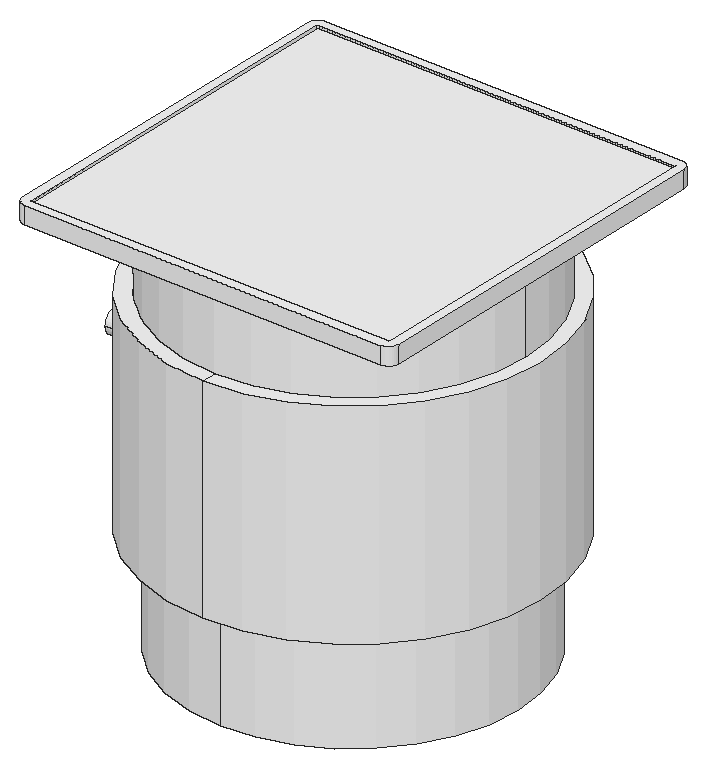
Revit family "C224-S-1", category Plumbing Fixtures, host Face, Revit 2026
Family settings
  Host = Face
  Round Connector Dimension = Use Radius
  Part Type = Normal
  Enable Cutting in Views = No
  Cut with Voids When Loaded = No
  Maintain Annotation Orientation = No
  Shared = No
  Room Calculation Point = No
Parameters (values of type "C224-S-1_4" Dia")
  WFU = 0
  URL = "WWW.MIFAB.COM"
  Top Assembly Adjustment = 1.5"
  Pipe Radius = Pipe Diameter / 2  # 2.0"
  Pipe Diameter = 4.0"
  Model = "C224-S-1"
  Manufacturer = "MIFAB"
  Floor Drain Material = Paint - Sherwin Williams Paint - #952C2A - Bellwood Red
  Description = "5” SQUARE ADJUSTABLE FLOOR CLEANOUT"
  Default Elevation = 0.0"
  CWFU = 0
  Assembly Code = ""
Types (4): name | Pipe Radius | Pipe Diameter
  (no name) | 2.0" | 4.0"
  C224-S-1_2" Dia | 1.0" | 2.0"
  C224-S-1_3" Dia | 1.5" | 3.0"
  C224-S-1_4" Dia | 2.0" | 4.0"
Reference planes (in)
  plane 1 "Center (Front/Back)": y = 0
  plane 2: z = 0
  plane 3 "Center (Left/Right)": x = 0
  plane 4: z = -3
  plane 5: z = -2.375
  plane 6: y = -2
  plane 7: y = 2
  plane 8: z = -5.5
  plane 9: x = -2.5
  plane 10: x = 2.5
  plane 11: y = 2.5
  plane 12: y = -2.5
  plane 13: z = -1.5
  plane 14: z = -0.22917
  plane 15: x = 2.38634
  plane 16: z = -0.22917
  plane 17: z = -0.03
  plane 18: z = -1.25438
Forms (in)
  Revolve 1, solid, material "Paint - Sherwin Williams Paint - #952C2A - Bellwood Red" <- "Floor Drain Material"
    sketch origin (0, 0.04396, -2.375) x (0, 1, 0) y (0, 0, 1)
      loop
        line (-2.24318, -1.70892) -> (-2.24318, -3.125) -> (-2.04396, -3.125) -> (-2.04396, -1.47475) -> (-2.34151, -1.47475) -> (-2.34151, 1.12062) -> (-2.54396, 1.12062) -> (-2.54396, -1.70892) -> (-2.24318, -1.70892)
      axis (-0.04396, 1.12062) -> (-0.04396, -3.125)
    angle from 0 to 360
  Sweep 2, solid, material "Paint - Sherwin Williams Paint - #952C2A - Bellwood Red" <- "Floor Drain Material"
    path origin (0, 0, 0) x (1, 0, 0) y (0, 1, 0)
      loop
        arc (2.5, 2.36833) -> (2.46143, 2.46143) -> (2.36833, 2.5) r 0.13167
        line (2.36833, 2.5) -> (-2.36719, 2.5)
        arc (-2.36719, 2.5) -> (-2.4611, 2.4611) -> (-2.5, 2.36719) r 0.13281
        line (-2.5, 2.36719) -> (-2.5, -2.36719)
        arc (-2.5, -2.36719) -> (-2.4611, -2.4611) -> (-2.36719, -2.5) r 0.13281
        line (-2.36719, -2.5) -> (2.36719, -2.5)
        arc (2.36719, -2.5) -> (2.4611, -2.4611) -> (2.5, -2.36719) r 0.13281
        line (2.5, -2.36719) -> (2.5, 2.36833)
    profile origin (2.5, 0.00057, 0) x (1, 0, 0) y (0, 0, 1)
      loop
        line (0, 0) -> (-0.11366, 0) -> (-0.11366, -0.22917) -> (0, -0.22917) -> (0, 0)
  Extrusion 3, solid, material "Paint - Sherwin Williams Paint - #952C2A - Bellwood Red" <- "Floor Drain Material"
    sketch origin (0, 0, 0) x (1, 0, 0) y (0, 1, 0)
      loop
        line (-2.38634, 2.38634) -> (-2.38634, -2.38634) -> (2.38634, -2.38634) -> (2.38634, 2.38634) -> (-2.38634, 2.38634)
    from -0.03 to -0.22917
  Extrusion 4, solid, material "Paint - Sherwin Williams Paint - #952C2A - Bellwood Red" <- "Floor Drain Material"
    sketch origin (0, 0, 0) x (1, 0, 0) y (0, 1, 0)
      loop
        circle (0, 0) r 2.29755
      loop
        circle (0, 0) r 2.2
    from -1.5 to -0.22917
  Revolve 5, solid, material "Paint - Sherwin Williams Paint - #952C2A - Bellwood Red" <- "Floor Drain Material"
    sketch origin (0, 0, -2.75) x (1, 0, 0) y (0, 1, 0)
      loop
        line (-2.25016, 0) -> (-2.25016, 0.36267) -> (-2.46815, 0.36267) -> (-2.46815, 0.25736) -> (-2.56208, 0.25736) -> (-2.56208, 0.18713) -> (-2.88547, 0.18713) -> (-2.92261, 0.15) -> (-3.18034, 0.15) -> (-3.18034, 0) -> (-2.25016, 0)
      axis (-2.25016, 0) -> (-3.18034, 0)
    angle from 0 to 360
Lines and regions (in)
  model lines, not visible
    curve 1: line (6.7156, 0, 9.07611) -> (12.5156, 0, 9.07611)
    curve 2: line (12.5156, 0, 9.07611) -> (12.5156, 0, 10.82611)
    curve 3: line (12.5156, 0, 10.82611) -> (6.7156, 0, 10.82611)
    curve 4: line (6.7156, 0, 10.82611) -> (6.7156, 0, 9.07611)
    curve 5: line (7.13163, 0, 10.86539) -> (7.13163, 0, 12.86539)
    curve 6: line (7.13163, 0, 12.86539) -> (15.53163, 0, 12.86539)
    curve 7: line (15.53163, 0, 12.86539) -> (15.53163, 0, 10.86539)
    curve 8: line (11.33163, 0, 12.86539) -> (11.33163, 0, 12.36539)
    curve 9: line (10.38306, 10.17879, 0) -> (10.38306, 12.67879, 0)
    curve 10: line (10.38306, 12.67879, 0) -> (20.88306, 12.67879, 0)
    curve 11: line (20.88306, 12.67879, 0) -> (20.88306, 10.17879, 0)
    curve 12: line (15.63306, 12.67879, 0) -> (15.63306, 10.92879, 0)
Dimensions and locks (in)
  equal spacing: plane 7, plane 1 "Center (Front/Back)", plane 6
  "Pipe Diameter": plane 7 to plane 6
  "Pipe Radius": plane 1 "Center (Front/Back)" to plane 6
  plane 2 to plane 8 = 5.5"
  equal spacing: plane 9, plane 3 "Center (Left/Right)", plane 10
  locked: plane 9 to plane 10 at 5
  plane 11 to plane 1 "Center (Front/Back)" to plane 12 = 2.5", 2.5"
  locked: plane 11 to plane 12 at 5
  "Top Assembly Adjustment": plane 2 to plane 13
  locked: plane 13 to plane 8 at 4
  locked: profile plane to plane 14 at 0.22917
  locked: plane 15 to profile plane at 0.11366
  locked: level to plane 16 at 0.22917
  locked: plane 2 to plane 17 at 0.03
  locked: Revolve 1 sketch curve to Revolve 1 sketch curve at 0.19922
  locked: plane 18 to plane 13 at 0.24562
  locked: Revolve 5 sketch curve to plane 3 "Center (Left/Right)" at 2.25016
  aligned and locked: plane 2 to host face
  aligned and locked: level to host face
  aligned and locked: Revolve 1 sketch curve to plane 8
  aligned and locked: plane 10 to Sweep 2 sketch curve
  aligned and locked: Sweep 2 sketch curve to plane 11
  aligned and locked: Sweep 2 sketch curve to plane 9
  aligned and locked: plane 12 to Sweep 2 sketch curve
  aligned and locked: plane 14 to Sweep 2 sketch curve
  aligned and locked: plane 17 to Extrusion 3
  aligned and locked: Extrusion 3 to plane 16
  aligned and locked: Extrusion 4 to plane 13
  aligned and locked: plane 16 to Extrusion 4
  aligned and locked: plane 18 to Revolve 1 sketch curve
  aligned and locked: plane 16 to Sweep 2
  aligned and locked: Revolve 1 sketch curve to plane 12
Automatic sketch dimensions
  curve 5 to curve 7 = 8.4"
  curve 5 to curve 8 = 4.2"
  curve 5 to curve 5 = 2.0"
  curve 7 to curve 6 = 2.0"
  curve 8 to curve 8 = 0.5"
  host sketch curve to host sketch curve = 96.0"  (x2)
  plane 9 to Sweep 2 sketch curve = 0.13281"
  Sweep 2 sketch curve to Sweep 2 sketch curve = 0.13281"
  plane 10 to Sweep 2 sketch curve = 0.13281"
  plane 10 to Sweep 2 sketch curve = 0.13167"
  Sweep 2 sketch curve to level = 0.0"
  plane 15 to Sweep 2 sketch curve = 0.0"
  profile plane to Sweep 2 sketch curve = 0.0"
  plane 9 to Extrusion 3 sketch curve = 0.11366"
  plane 10 to Extrusion 3 sketch curve = 0.11366"
  plane 12 to Extrusion 3 sketch curve = 0.11366"
  plane 11 to Extrusion 3 sketch curve = 0.11366"
  Extrusion 4 sketch curve to Extrusion 4 sketch curve = 0.0"  (x2)
  plane 1 "Center (Front/Back)" to Extrusion 4 sketch curve = 0.0"
  Extrusion 4 sketch curve to plane 3 "Center (Left/Right)" = 0.0"
  plane 1 "Center (Front/Back)" to Revolve 5 sketch curve = 0.0"  (x2)
  Revolve 5 sketch curve to plane 1 "Center (Front/Back)" = 0.15"
  Revolve 5 sketch curve to plane 9 = 0.68034"
  Revolve 5 sketch curve to Revolve 5 sketch curve = 0.25773"
  Revolve 5 sketch curve to Revolve 5 sketch curve = 0.03713"  (x2)
  Revolve 5 sketch curve to plane 9 = 0.06208"
  plane 9 to Revolve 5 sketch curve = 0.03185"
  Revolve 5 sketch curve to Revolve 5 sketch curve = 0.07023"
  Revolve 5 sketch curve to Revolve 5 sketch curve = 0.10531"
  Revolve 5 sketch curve to Revolve 5 sketch curve = 0.25"  (x2)
  Revolve 1 sketch curve to plane 6 = 0.0"
  Revolve 1 sketch curve to plane 1 "Center (Front/Back)" = 0.0"
  plane 12 to Revolve 1 sketch curve = 0.20245"
  Revolve 1 sketch curve to plane 4 = 1.08392"
  Revolve 1 sketch curve to Revolve 1 sketch curve = 0.23417"
  Revolve 1 sketch curve to plane 8 = 1.75"
  plane 8 to Revolve 1 sketch curve = 0.125"
  radius of Extrusion 4 sketch curve = 2.29755"
  radius of Extrusion 4 sketch curve = 2.2"
Connectors (in)
  piping at (0, 0, -5.5), diameter 4, driven by "Pipe Radius", driven by "WFU"
    settings: on Revolve 1, index 2, connector inside diameter 2", connector length 0.0", flow factor 0, pipe flow 0 GPM, pressure drop 0.00 psi, fitting loss kfactor 0, connector angle 0.00°, fixture units 0, engagement length 0.0", angle of deflection 0.00°, flow configuration 3, flow direction 2, fitting loss method 0, system type 16, joint type 0, gender type 0, connector reference index -1, connector utility 0, adjustable connector no, is connector primary yes, connector description "Sanitary Out"
  piping at (-3.18034, 0, -2.75), diameter 0.3
    settings: on Revolve 5, index 3, connector inside diameter 24", connector length 0.0", flow factor 0, pipe flow 0 GPM, pressure drop 0.00 psi, fitting loss kfactor 0, connector angle 0.00°, fixture units 0, engagement length 0.0", angle of deflection 0.00°, flow configuration 0, flow direction 0, fitting loss method 0, system type 7, joint type 0, gender type 0, connector reference index -1, connector utility 0, adjustable connector no, is connector primary no, connector description ""
